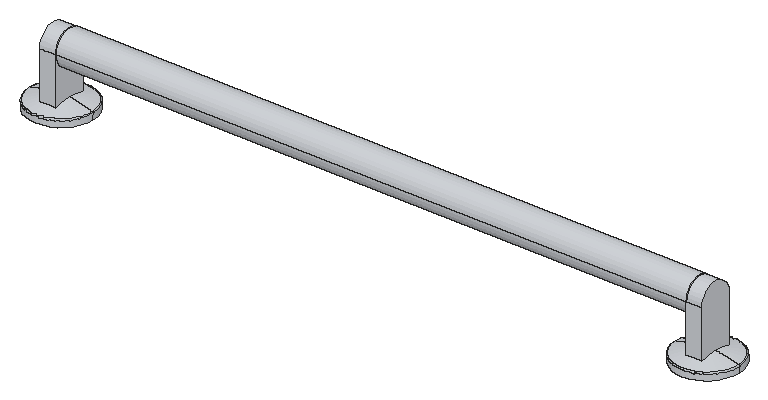
Revit family "Accessory-Grab_Bar-KOHLER-Components-K-78387", category Specialty Equipment, host Face, Revit 2015
Parameters (values of type "CP-Polished Chrome")
  Width = 2 3/8"  # constant formula
  URL = "https://www.us.kohler.com/us/"
  Type = 1
  Product Page URL = "http://www.us.kohler.com/us/catalog/productDetails.jsp?productNumber=78387"
  Product Name = "Components"  # constant formula
  Product Documentation Link = "http://www.us.kohler.com/onlinecatalog/pdf/K-78387_spec.pdf"
  Model = if(Type = 1, "K-78387-CP", if(Type = 2, "K-78387-BN", if(Type = 3, "K-78387-BL", if(Type = 4, "K-78387-TT", "NA"))))  # "K-78387-CP"
  Material = "Premium Metal Construction"  # constant formula
  MasterFormat 2004 = "10.28.13"  # constant formula
  MasterFormat 1995 = "10820"  # constant formula
  Manufacturer Address = "444 Highland Dr, Kohler, WI 53044"  # constant formula
  Manufacturer = "KOHLER Co."  # constant formula
  Length = 24"  # constant formula
  Height = 2 3/4"  # constant formula
  Finish = Kohler-Metal-CP-Polished_Chrome
  Environmental Product Declaration = ""
  Description = "24inch Grab Bar"  # constant formula
  Default Elevation = 42"
  Declare Label = ""
  Date Modified = "07/09/2018"  # constant formula
  Date Created = "07/09/2018"  # constant formula
  Copyright = "Copyright KOHLER Co."  # constant formula
  Contact Us = "https://www.us.kohler.com/us/static/contact.jsp"
  Assembly Code = "C1030200"
  ADA Compliant = 1 = 0  # no
Types (4): name | Type | Model | Finish
  (no name) | 1 | "K-78387-CP" | Kohler-Metal-CP-Polished_Chrome
  CP-Polished Chrome | 1 | "K-78387-CP" | Kohler-Metal-CP-Polished_Chrome
  BL-Matte Black | 3 | "K-78387-BL" | Kohler-Metal-BL-Matte_Black
  TT-Titanium | 4 | "K-78387-TT" | Kohler-Metal-TT-Vibrant_Titanium
Reference planes (in)
  plane 1 "Center (Front/Back)": y = 0
  plane 2: z = 0
  plane 3 "Center (Left/Right)": x = 0
  plane 4: x = -12
  plane 5: x = 12
  plane 6: y = 1.1875
  plane 7: y = -1.1875
  plane 8: z = 2.75
Dimensions and locks (in)
  "Length": plane 4 to plane 5
  "Width": plane 6 to plane 7
  "Height": plane 8 to level
  aligned and locked: plane 2 to host face
  aligned and locked: level to host face
Automatic sketch dimensions
  host sketch curve to host sketch curve = 96"  (x2)
Nested families (in)
  nested 1: "K-78387" at (0, 0, 0), type "K-78387"
Definition of nested family "K-78387"
  Parameters (values of type "K-78387")
    Material = none
    Length = 24"
  Reference planes (in)
    plane 1 "Center (Front/Back)": y = 0
    plane 2: z = 0
    plane 3 "Center (Left/Right)": x = 0
    plane 4: x = -12
    plane 5: x = 12
    plane 6: y = 1.1875
    plane 7: z = 2.75
    plane 8: y = -1.1875
    plane 9: z = 1.4375
  Forms (in)
    Revolve 1, solid, material <- "Material", detail levels medium+fine
      sketch origin (0, 0, 0) x (1, 0, 0) y (0, 0, 1)
        loop
          line (-13.1875, 0) -> (-12, 0) -> (-12, 0.54137) -> (-13.15723, 0.26168)
          arc (-13.15723, 0.26168) -> (-13.17902, 0.24769) -> (-13.1875, 0.22322) r 0.03957
          line (-13.1875, 0.22322) -> (-13.1875, 0)
        axis (-12, 0.54137) -> (-12, 0)
      angle from 0 to 360
    Revolve 2, solid, material <- "Material", detail levels medium+fine
      sketch origin (0, 0, 0) x (-1, 0, 0) y (0, 0, 1)
        loop
          line (-13.1875, 0) -> (-12, 0) -> (-12, 0.54137) -> (-13.15723, 0.26168)
          arc (-13.15723, 0.26168) -> (-13.17902, 0.24769) -> (-13.1875, 0.22322) r 0.03957
          line (-13.1875, 0.22322) -> (-13.1875, 0)
        axis (-12, 0.54137) -> (-12, 0)
      angle from 0 to 360
    Extrusion 3, solid, material <- "Material"
      sketch origin (0, 0, 0) x (0, 1, 0) y (0, 0, -1)
        loop
          line (0.63269, -0.31966) -> (-0.63269, -0.31966) -> (-0.62537, -2.12784)
          arc (-0.62537, -2.12784) -> (0, -2.75067) -> (0.62537, -2.12784) r 0.62537
          line (0.62537, -2.12784) -> (0.63269, -0.31966)
      from 11.71046 to 12.28954
    Extrusion 4, solid, material <- "Material"
      sketch origin (0, 0, 0) x (0, 1, 0) y (0, 0, 1)
        loop
          circle (0, 2.1253) r 0.62537
      from -11.71046 to 11.71046
    Extrusion 5, solid, material <- "Material", detail levels coarse
      sketch origin (0, 0, 0) x (1, 0, 0) y (0, 1, 0)
        loop
          circle (-12, 0) r 1.1875
        loop
          circle (12, 0) r 1.1875
      from 0 to 0.44658
    Extrusion 6, solid, material <- "Material"
      sketch origin (0, 0, 0) x (0, 1, 0) y (0, 0, 1)
        loop
          line (0.63269, 0.31966) -> (0.62537, 2.12784)
          arc (0.62537, 2.12784) -> (0, 2.75067) -> (-0.62537, 2.12784) r 0.62537
          line (-0.62537, 2.12784) -> (-0.63269, 0.31966) -> (0.63269, 0.31966)
      from 11.71046 to 12.28954
  Cuts and joins
    joined: Revolve 1, Revolve 2
    joined: Extrusion 3, Extrusion 6
  Lines and regions (in)
    Masking region 1
      outline origin (0, 0, 0) x (0, 1, 0) y (0, 0, 1)
        loop
          line (-1.1875, 0) -> (1.1875, 0) -> (1.1875, 0.22546)
          arc (1.1875, 0.22546) -> (1.17952, 0.24851) -> (1.15899, 0.26168) r 0.03726
          line (1.15899, 0.26168) -> (0.63241, 0.38879) -> (0.62537, 2.12784)
          arc (0.62537, 2.12784) -> (0, 2.75067) -> (-0.62537, 2.12784) r 0.62537
          line (-0.62537, 2.12784) -> (-0.63241, 0.38879) -> (-1.15899, 0.26168)
          arc (-1.15899, 0.26168) -> (-1.17952, 0.24851) -> (-1.1875, 0.22546) r 0.03726
          line (-1.1875, 0.22546) -> (-1.1875, 0)
    Masking region 2
      outline origin (0, 0, 0) x (1, 0, 0) y (0, 0, 1)
        loop
          line (-13.1875, 0) -> (-10.8125, 0) -> (-10.8125, 0.22322)
          arc (-10.8125, 0.22322) -> (-10.82098, 0.24769) -> (-10.84277, 0.26168) r 0.03957
          line (-10.84277, 0.26168) -> (-11.71046, 0.47139) -> (-11.71046, 1.4375) -> (11.71046, 1.4375) -> (11.71046, 0.47139) -> (10.84277, 0.26168)
          arc (10.84277, 0.26168) -> (10.82098, 0.24769) -> (10.8125, 0.22322) r 0.03957
          line (10.8125, 0.22322) -> (10.8125, 0) -> (13.1875, 0) -> (13.1875, 0.22322)
          arc (13.1875, 0.22322) -> (13.17902, 0.24769) -> (13.15723, 0.26168) r 0.03957
          line (13.15723, 0.26168) -> (12.28954, 0.47139) -> (12.28954, 2.75) -> (-12.28954, 2.75) -> (-12.28954, 0.47139) -> (-13.15723, 0.26168)
          arc (-13.15723, 0.26168) -> (-13.17902, 0.24769) -> (-13.1875, 0.22322) r 0.03957
          line (-13.1875, 0.22322) -> (-13.1875, 0)
    Masking region 3
      outline origin (0, 0, 0) x (1, 0, 0) y (0, 1, 0)
        loop
          line (-10.99051, -0.62537) -> (10.99051, -0.62537)
          arc (10.99051, -0.62537) -> (13.1875, 0) -> (10.99051, 0.62537) r 1.1875
          line (10.99051, 0.62537) -> (-10.99051, 0.62537)
          arc (-10.99051, 0.62537) -> (-13.1875, 0) -> (-10.99051, -0.62537) r 1.1875
    symbolic lines, detail levels medium+fine
      curve 1: arc (0, 0, 0.49011) -> (0, 0.31912, 0.45838) -> (0, 0.63241, 0.3899) r 2.76424
      curve 2: arc (0, -0.63241, 0.3899) -> (0, -0.31912, 0.45838) -> (0, 0, 0.49011) r 2.76424
      curve 3: line (-11.71046, 0, 1.4375) -> (-11.71046, 0, 2.12784)
      curve 4: line (11.71046, 0, 1.4375) -> (11.71046, 0, 2.12784)
      curve 5: line (-12.28954, 0, 0.47139) -> (-11.71046, 0, 0.47139)
      curve 6: line (11.71046, 0, 0.47139) -> (12.28954, 0, 0.47139)
      curve 7: line (-12.28954, 0.63269, 0) -> (-12.28954, -0.63269, 0)
      curve 8: line (-11.71046, 0.63269, 0) -> (-11.71046, -0.63269, 0)
      curve 9: line (-12.28954, 0.63269, 0) -> (-11.71046, 0.63269, 0)
      curve 10: line (-11.71046, -0.63269, 0) -> (-12.28954, -0.63269, 0)
      curve 11: line (12.28954, -0.63269, 0) -> (12.28954, 0.63269, 0)
      curve 12: line (11.71046, 0.63269, 0) -> (11.71046, -0.63269, 0)
      curve 13: line (11.71046, 0.63269, 0) -> (12.28954, 0.63269, 0)
      curve 14: line (12.28954, -0.63269, 0) -> (11.71046, -0.63269, 0)
      curve 15: line (10.99051, 0.62537, 0) -> (11.71046, 0.6255, 0)
      curve 16: line (10.99051, -0.62537, 0) -> (11.71046, -0.62537, 0)
      curve 17: line (-10.99051, 0.62537, 0) -> (-11.71046, 0.62537, 0)
      curve 18: line (-10.99051, -0.62537, 0) -> (-11.71046, -0.62537, 0)
      curve 19: line (-11.28954, 0, 2.75) -> (-11.28954, 0, 1.4375)
      curve 20: line (11.28954, 0, 2.75) -> (11.28954, 0, 1.4375)
  Dimensions and locks (in)
    equal spacing: plane 4, plane 3 "Center (Left/Right)", plane 5
    "Length": plane 4 to plane 5
    locked: Revolve 1 sketch curve to plane 4 at 1.1875
    locked: Revolve 2 sketch curve to plane 5 at 1.1875
    equal spacing: Extrusion 3, plane 4, Extrusion 3
    plane 7 to level = 2 3/4"
    equal spacing: Masking region 2 sketch curve, plane 4, Masking region 2 sketch curve
    locked: Masking region 2 sketch curve to Masking region 2 sketch curve at 2.375  (x2)
    equal spacing: Masking region 2 sketch curve, plane 5, Masking region 2 sketch curve
    locked: Extrusion 3 to Extrusion 3 at 0.57909
    equal spacing: Extrusion 6, plane 5, Extrusion 6
    locked: Extrusion 6 to Extrusion 6 at 0.57909
    plane 9 to plane 2 = 1 7/16"
    locked: cut or joined group of Extrusion 3, Extrusion 6 to curve 19 at 1
    locked: curve 20 to cut or joined group of Extrusion 3, Extrusion 6 at 1
    aligned and locked: plane 2 to level
    aligned and locked: Revolve 1 sketch curve to plane 4
    aligned and locked: plane 4 to Revolve 1 sketch curve
    aligned and locked: plane 5 to Revolve 2 sketch curve
    aligned and locked: Revolve 2 sketch curve to plane 5
    aligned and locked: Extrusion 4 to Extrusion 3
    aligned and locked: Masking region 2 to curve 3
    aligned and locked: Masking region 2 to curve 4
    aligned and locked: curve 5 to Masking region 2
    aligned and locked: curve 6 to Masking region 2
    aligned and locked: Masking region 3 sketch curve to cut or joined group of Revolve 1, Revolve 2  (x2)
    aligned and locked: Extrusion 5 sketch curve to Masking region 3  (x2)
    aligned and locked: Extrusion 4 to Extrusion 6
    aligned and locked: Masking region 2 sketch curve to Extrusion 6  (x2)
    aligned and locked: curve 7 to Extrusion 3
    aligned and locked: curve 8 to Extrusion 4
    aligned and locked: curve 9 to Extrusion 3
    aligned and locked: curve 10 to Extrusion 3
    aligned and locked: curve 11 to Extrusion 6
    aligned and locked: curve 12 to Extrusion 6
    aligned and locked: curve 13 to Extrusion 6
    aligned and locked: curve 14 to Extrusion 6
    aligned and locked: curve 15 to Masking region 3
    aligned and locked: Masking region 3 to curve 16
    aligned and locked: curve 17 to Masking region 3
    aligned and locked: curve 18 to Masking region 3
  Automatic sketch dimensions
    Extrusion 3 sketch curve to plane 1 "Center (Front/Back)" = 0"
    Extrusion 3 sketch curve to plane 8 = 0.56213"
    Extrusion 3 sketch curve to plane 8 = 0.55481"
    Extrusion 3 sketch curve to plane 6 = 0.56213"
    Extrusion 3 sketch curve to plane 6 = 0.55481"
    Extrusion 3 sketch curve to plane 7 = 0.62216"
    Extrusion 3 sketch curve to plane 7 = 0.6247"
    level to Extrusion 3 sketch curve = 0.31966"
    Masking region 1 sketch curve to level = 0"
    Masking region 1 sketch curve to plane 8 = 0"
    Masking region 1 sketch curve to plane 6 = 0"
    Masking region 1 sketch curve to plane 8 = 0.02851"
    Masking region 1 sketch curve to plane 8 = 0.03726"
    plane 1 "Center (Front/Back)" to Masking region 1 sketch curve = 0.63241"
    Masking region 1 sketch curve to plane 1 "Center (Front/Back)" = 0.63241"
    Masking region 1 sketch curve to Masking region 1 sketch curve = 0.03726"
    Masking region 1 sketch curve to plane 6 = 0.02851"
    level to Masking region 1 sketch curve = 0.22546"  (x2)
    level to Masking region 1 sketch curve = 0.38879"  (x2)
    Extrusion 6 sketch curve to plane 1 "Center (Front/Back)" = 0"
    Extrusion 6 sketch curve to plane 8 = 0.56213"
    Extrusion 6 sketch curve to plane 8 = 0.55481"
    Extrusion 6 sketch curve to plane 6 = 0.56213"
    Extrusion 6 sketch curve to plane 6 = 0.55481"
    level to Extrusion 6 sketch curve = 0.31966"
    Extrusion 6 sketch curve to plane 7 = 0.6247"
    Extrusion 6 sketch curve to plane 7 = 0.62216"
    Masking region 1 sketch curve to plane 1 "Center (Front/Back)" = 0"
    Masking region 1 sketch curve to plane 8 = 0.56213"
    Masking region 1 sketch curve to plane 6 = 0.56213"
    Masking region 1 sketch curve to plane 7 = 0.6247"
    Masking region 1 sketch curve to plane 7 = 0.62216"
    curve 2 to plane 1 "Center (Front/Back)" = 0"
    plane 1 "Center (Front/Back)" to curve 1 = 0.1135"
    curve 2 to plane 1 "Center (Front/Back)" = 0.1135"
    curve 2 to level = 2.2718"
    curve 1 to curve 2 = 0"
    curve 2 to plane 8 = 0.55509"
    curve 1 to plane 6 = 0.55509"
    level to curve 1 = 0.3899"
    curve 16 to curve 12 = 0.71995"
    curve 16 to curve 12 = 0"
    curve 8 to curve 18 = 0.00733"
    curve 17 to plane 6 = 0.56213"
    curve 15 to plane 6 = 0.56213"
    curve 15 to curve 12 = 0.00719"
    curve 20 to plane 9 = 0"
    curve 20 to plane 7 = 0"
    curve 4 to plane 9 = 0"
    curve 19 to plane 9 = 0"
    curve 3 to plane 9 = 0"
    curve 19 to plane 7 = 0"
    curve 5 to plane 4 = 0.28954"
    plane 4 to curve 5 = 0.28954"
    curve 6 to plane 5 = 0.28954"
    plane 5 to curve 6 = 0.28954"
    curve 3 to plane 7 = 0.62216"
    curve 4 to plane 7 = 0.62216"
    Revolve 1 sketch curve to level = 0"  (x2)
    level to Revolve 1 sketch curve = 0.26168"
    Revolve 1 sketch curve to Revolve 1 sketch curve = 0.03027"
    Revolve 1 sketch curve to Revolve 1 sketch curve = 0.0093"
    level to Revolve 1 sketch curve = 0.54137"
    Revolve 1 sketch curve to Revolve 1 sketch curve = 0.35774"
    Revolve 2 sketch curve to level = 0"  (x2)
    Revolve 2 sketch curve to level = 0.26168"
    Revolve 2 sketch curve to Revolve 2 sketch curve = 0.03027"
    Revolve 2 sketch curve to Revolve 2 sketch curve = 0.0093"
    Revolve 2 sketch curve to Revolve 2 sketch curve = 0.54137"
    level to Revolve 2 sketch curve = 0.35774"
    Masking region 2 sketch curve to plane 7 = 0"
    Masking region 2 sketch curve to plane 9 = 0"
    Masking region 2 sketch curve to level = 0"  (x2)
    level to Masking region 2 sketch curve = 0.26168"  (x4)
    Masking region 2 sketch curve to Masking region 2 sketch curve = 0.03027"  (x2)
    Masking region 2 sketch curve to Masking region 2 sketch curve = 0.03957"  (x3)
    plane 4 to Masking region 2 sketch curve = 0.28954"
    Masking region 2 sketch curve to plane 4 = 0.28954"
    Masking region 2 sketch curve to Masking region 2 sketch curve = 0.0093"  (x3)
    level to Masking region 2 sketch curve = 0.47139"  (x4)
    Masking region 3 sketch curve to plane 6 = 0.56213"
    Masking region 3 sketch curve to plane 8 = 0.56213"
